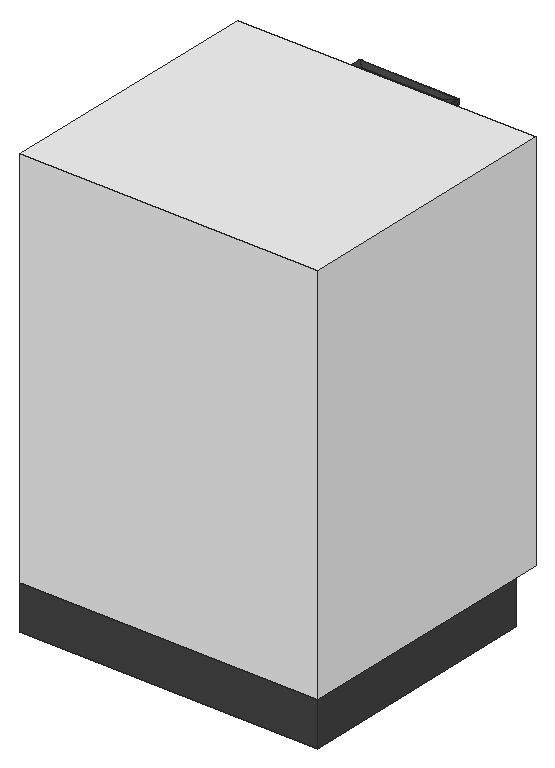
Revit family "Wine Cooler", category Specialty Equipment, Revit 2012
Parameters
  stainless steel = Stainless Steel
  Glass = Glass
  Black = Plastic - Black
Reference planes (in)
  plane 1 "Center (Front/Back)": y = 0
  plane 2: z = 0
  plane 3 "Center (Left/Right)": x = 0
Forms (in)
  Extrusion 1, solid, material "Plastic - Black" <- "Black"
    sketch origin (-140.10954, -59.12665, 0) x (-1, 0, 0) y (0, -1, 0)
      loop
        line (-128.10954, -59.12665) -> (-152.10954, -59.12665) -> (-152.10954, -79.10665) -> (-128.10954, -79.10665) -> (-128.10954, -59.12665)
    from 0 to 3.5
  Extrusion 2, solid, material "Stainless Steel" <- "stainless steel"
    sketch origin (-140.10954, -59.12665, 0) x (-1, 0, 0) y (0, -1, 0)
      loop
        line (-152.10954, -59.12665) -> (-152.10954, -81.10665) -> (-128.10954, -81.10665) -> (-128.10954, -59.12665) -> (-152.10954, -59.12665)
    from 34.5 to 3.5
  Extrusion 3, void
    sketch origin (-9.51918, 21.98, 0) x (-1, 0, 0) y (0, 0, -1)
      loop
        line (-20.51918, -33.5) -> (1.48082, -33.5) -> (1.48082, -4.5) -> (-20.51918, -4.5) -> (-20.51918, -33.5)
    from 20 to -20
  Extrusion 4, solid, material "Stainless Steel" <- "stainless steel"
    sketch origin (-9.51918, 21.98, 0) x (1, 0, 0) y (0, 0, -1)
      loop
        line (20.76918, -33.75) -> (20.76918, -4.25) -> (-1.73082, -4.25) -> (-1.73082, -33.75) -> (20.76918, -33.75)
      loop
        line (19.01918, -32) -> (19.01918, -6) -> (0.01918, -6) -> (0.01918, -32) -> (19.01918, -32)
    from 0 to 0.75
  Extrusion 5, solid, material "Glass" <- "Glass"
    sketch origin (-9.51918, 21.98, 0) x (1, 0, 0) y (0, 0, -1)
      loop
        line (19.01918, -32) -> (19.01918, -6) -> (0.01918, -6) -> (0.01918, -32) -> (19.01918, -32)
    from 0 to 0.75
  Sweep 6, solid, material "Plastic - Black" <- "Black"
    path origin (-140.10954, -59.12665, 0) x (-1, 0, 0) y (0, -1, 0)
      loop
        line (-143.85954, -81.85665) -> (-143.85954, -83.10665) -> (-136.35954, -83.10665) -> (-136.35954, -81.85665)
    profile origin (3.75, 23.355, 0) x (-1, 0, 0) y (0, 0, 1)
      loop
        arc (-0.2098, 33.48624) -> (-0.23872, 33.47712) -> (-0.25273, 33.45022) r 0.03962
        line (-0.25273, 33.45022) -> (-0.26118, 33.35362)
        arc (-0.26118, 33.35362) -> (-0.2657, 33.25) -> (-0.26118, 33.14638) r 1.18893
        line (-0.26118, 33.14638) -> (-0.25273, 33.04978)
        arc (-0.25273, 33.04978) -> (-0.23872, 33.02288) -> (-0.2098, 33.01376) r 0.03962
        line (-0.2098, 33.01376) -> (0.44147, 33.07074)
        arc (0.44147, 33.07074) -> (0.48448, 33.08747) -> (0.51177, 33.12469) r 0.08247
        line (0.51177, 33.12469) -> (0.54707, 33.22167)
        arc (0.54707, 33.22167) -> (0.55207, 33.25) -> (0.54707, 33.27833) r 0.08285
        line (0.54707, 33.27833) -> (0.51177, 33.37531)
        arc (0.51177, 33.37531) -> (0.48448, 33.41253) -> (0.44147, 33.42926) r 0.08247
        line (0.44147, 33.42926) -> (-0.2098, 33.48624)
  Extrusion 7, solid, material "Stainless Steel" <- "stainless steel"
    sketch origin (-9.14418, 22.73, 0) x (1, 0, 0) y (0, 0, -1)
      loop
        circle (18.56799, -19.25379) r 0.15361
    from -20.75 to -2.75
  Extrusion 8, solid, material "Stainless Steel" <- "stainless steel"
    sketch origin (13.75, 38.54507, 0) x (0, -1, 0) y (0, 0, -1)
      loop
        circle (18.56799, -19.25379) r 0.15361
    from -24.75 to -2.75
  Extrusion 9, solid, material "Stainless Steel" <- "stainless steel"
    sketch origin (-10.48346, 22.73, 0) x (1, 0, 0) y (0, 0, -1)
      loop
        circle (18.56799, -19.25379) r 0.15361
    from -20.75 to -2.75
  Extrusion 10, solid, material "Stainless Steel" <- "stainless steel"
    sketch origin (-11.82275, 22.73, 0) x (1, 0, 0) y (0, 0, -1)
      loop
        circle (18.56799, -19.25379) r 0.15361
    from -20.75 to -2.75
  Extrusion 11, solid, material "Stainless Steel" <- "stainless steel"
    sketch origin (-13.16203, 22.73, 0) x (1, 0, 0) y (0, 0, -1)
      loop
        circle (18.56799, -19.25379) r 0.15361
    from -20.75 to -2.75
  Extrusion 12, solid, material "Stainless Steel" <- "stainless steel"
    sketch origin (-14.50132, 22.73, 0) x (1, 0, 0) y (0, 0, -1)
      loop
        circle (18.56799, -19.25379) r 0.15361
    from -20.75 to -2.75
  Extrusion 13, solid, material "Stainless Steel" <- "stainless steel"
    sketch origin (-15.8406, 22.73, 0) x (1, 0, 0) y (0, 0, -1)
      loop
        circle (18.56799, -19.25379) r 0.15361
    from -20.75 to -2.75
  Extrusion 14, solid, material "Stainless Steel" <- "stainless steel"
    sketch origin (-17.17989, 22.73, 0) x (1, 0, 0) y (0, 0, -1)
      loop
        circle (18.56799, -19.25379) r 0.15361
    from -20.75 to -2.75
  Extrusion 15, solid, material "Stainless Steel" <- "stainless steel"
    sketch origin (-18.51918, 22.73, 0) x (1, 0, 0) y (0, 0, -1)
      loop
        circle (18.56799, -19.25379) r 0.15361
    from -20.75 to -2.75
  Extrusion 16, solid, material "Stainless Steel" <- "stainless steel"
    sketch origin (-19.85846, 22.73, 0) x (1, 0, 0) y (0, 0, -1)
      loop
        circle (18.56799, -19.25379) r 0.15361
    from -20.75 to -2.75
  Extrusion 17, solid, material "Stainless Steel" <- "stainless steel"
    sketch origin (-21.19775, 22.73, 0) x (1, 0, 0) y (0, 0, -1)
      loop
        circle (18.56799, -19.25379) r 0.15361
    from -20.75 to -2.75
  Extrusion 18, solid, material "Stainless Steel" <- "stainless steel"
    sketch origin (-22.53703, 22.73, 0) x (1, 0, 0) y (0, 0, -1)
      loop
        circle (18.56799, -19.25379) r 0.15361
    from -20.75 to -2.75
  Extrusion 19, solid, material "Stainless Steel" <- "stainless steel"
    sketch origin (-23.87632, 22.73, 0) x (1, 0, 0) y (0, 0, -1)
      loop
        circle (18.56799, -19.25379) r 0.15361
    from -20.75 to -2.75
  Extrusion 20, solid, material "Stainless Steel" <- "stainless steel"
    sketch origin (-25.2156, 22.73, 0) x (1, 0, 0) y (0, 0, -1)
      loop
        circle (18.56799, -19.25379) r 0.15361
    from -20.75 to -2.75
  Extrusion 21, solid, material "Stainless Steel" <- "stainless steel"
    sketch origin (-26.55489, 22.73, 0) x (1, 0, 0) y (0, 0, -1)
      loop
        circle (18.56799, -19.25379) r 0.15361
    from -20.75 to -2.75
  Extrusion 22, solid, material "Stainless Steel" <- "stainless steel"
    sketch origin (-27.89418, 22.73, 0) x (1, 0, 0) y (0, 0, -1)
      loop
        circle (18.56799, -19.25379) r 0.15361
    from -20.75 to -2.75
  Extrusion 23, solid, material "Stainless Steel", not visible
    sketch origin (-7.85354, 11.50327, 0) x (1, 0, 0) y (0, 0, -1)
      loop
        circle (18.56799, -19.25379) r 0.15361
    from -20.75 to -2.75
Cuts and joins
  Extrusion 3 cuts Extrusion 2
Dimensions and locks (in)
  aligned and locked: level to plane 2
